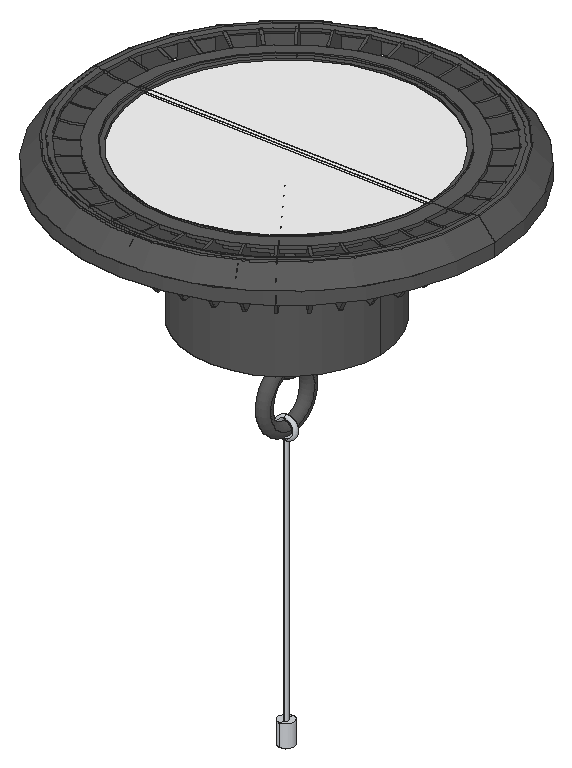
Revit family "0039348 Feilo Sylvania Lighting Fixture START HIGHBAY 4K 19KLM WIDE pendant", category Lighting Fixtures, host Face, Revit 2017
Family settings
  Host = Face
  Round Connector Dimension = Use Diameter
  Part Type = Normal
  OmniClass Number = 23.80.70.00
  OmniClass Title = Lighting
  Cut with Voids When Loaded = No
  Light Source = Yes
  Shared = No
  Room Calculation Point = No
Parameters (values of type "0039348 START HIGHBAY 4K 19KLM WIDE ")
  WidthStraight_FEILO = if(SizeS_FEILO, 3 mm, if(SizeM_FEILO, 4 mm, 4.7 mm))  # 3 mm
  WidthRingChamfer_FEILO = if(SizeS_FEILO, 10.3 mm, if(SizeM_FEILO, 11.2 mm, 12.9 mm))  # 10.3 mm
  WidthCurved_FEILO = if(SizeS_FEILO, 17.4 mm, if(SizeM_FEILO, 16.4 mm, 26.2 mm))  # 17.4 mm
  WidthCurvedRing_FEILO = if(SizeS_FEILO, 3 mm, if(SizeM_FEILO, 4 mm, 4.7 mm))  # 3 mm
  WidthBracket_FEILO = 40 mm
  Weight = "3.4 kg"
  Wattage Comments = ""
  Wattage = 150 W
  WarrantyStartDate [instance] = "n/a"
  WarrantyGuarantorParts = "n/a"
  WarrantyDurationUnit = "n/a"
  WarrantyDurationParts = "n/a"
  WarrantyDescription = "n/a"
  built-in parameter 1150110 = 1 (stored number, unit not read)
  Voltage = 230 V
  VisibilityBracket_FEILO = no
  URL = "http://www.sylvania-lighting.com"
  TypeName = "START HIGHBAY 4K 19KLM WIDE"
  Type Image = <None>
  Type Comments = "n/a"
  built-in parameter 1114217 = 1 (stored number, unit not read)
  Tilt Angle = -90.00°
  ThicknessWall_FEILO = 1.5 mm
  ThicknessBracket_FEILO = 1.5 mm
  ThicknessBracketHalf_FEILO = ThicknessBracket_FEILO / 2  # 0.75 mm
  built-in parameter 1150109 = 1 (stored number, unit not read)
  built-in parameter 1150134 = 12
  SuspensionHeight_FEILO [instance] = 350 mm
  built-in parameter 1150113 = 1 (stored number, unit not read)
  SizeS_FEILO = yes
  SizeM_FEILO = yes
  SerialNumber [instance] = "n/a"
  Rib4_FEILO = if(SizeS_FEILO, 18.1 mm, if(SizeM_FEILO, 13.6 mm, 14.6 mm))  # 18.1 mm
  Rib3_FEILO = if(SizeS_FEILO, 15.3 mm, if(SizeM_FEILO, 17.6 mm, 20.2 mm))  # 15.3 mm
  Rib2_FEILO = if(SizeS_FEILO, 3.6 mm, if(SizeM_FEILO, 3.9 mm, 4.5 mm))  # 3.6 mm
  Rib1_FEILO = if(SizeS_FEILO, 15.1 mm, if(SizeM_FEILO, 16.5 mm, 19 mm))  # 15.1 mm
  RadiusDiffuser_FEILO = if(SizeS_FEILO, 95.2 mm, if(SizeM_FEILO, 105.3 mm, 120 mm))  # 95.2 mm
  RadiusArrayPost_FEILO = DriverRadius_FEILO - 6 mm  # 55.4 mm
  RHRadius3_FEILO = if(SizeS_FEILO, 6.6 mm, if(SizeM_FEILO, 7.4 mm, 8.6 mm))  # 6.6 mm
  RHRadius2_FEILO = if(SizeS_FEILO, 11 mm, if(SizeM_FEILO, 12 mm, 14 mm))  # 11 mm
  RHRadius1_FEILO = if(SizeS_FEILO, 13.6 mm, if(SizeM_FEILO, 14.9 mm, 17.7 mm))  # 13.6 mm
  RHHeight4_FEILO = if(SizeS_FEILO, 7.3 mm, if(SizeM_FEILO, 8 mm, 9.2 mm))  # 7.3 mm
  RHHeight3_FEILO = if(SizeS_FEILO, 3.6 mm, if(SizeM_FEILO, 3.7 mm, 4.6 mm))  # 3.6 mm
  RHHeight2_FEILO = if(SizeS_FEILO, 2 mm, if(SizeM_FEILO, 2.2 mm, 2.6 mm))  # 2 mm
  RHHeight1_FEILO = if(SizeS_FEILO, 11.8 mm, if(SizeM_FEILO, 15.3 mm, 17.4 mm))  # 11.8 mm
  Photometric Web File = "0039348.ies"
  Material_3_FEILO = LED-Sylvania-StartHighbay-Glow
  PowerFactor = 0.95
  PowerConsumption = "150 W"
  NominalLength = 296 mm
  NominalHeight = 177 mm
  NominalDepth = 296 mm
  Name = "START HIGHBAY 4K 19KLM WIDE"
  ModelReference = Name  # "START HIGHBAY 4K 19KLM WIDE"
  ModelNumber = "0039348"
  Model = Name  # "START HIGHBAY 4K 19KLM WIDE"
  Material = "aluminium alloy housing, polycarbonate diffuser"
  ManufacturerName = "Feilo Sylvania"
  Manufacturer = "Feilo Sylvania"
  LuminousEfficacy = "130 lm/W"
  built-in parameter 1150105 = 10377.1 (stored number, unit not read)
  Lumens = 19500 lm
  LuminaireType = ""
  built-in parameter 1150115 = 1 (stored number, unit not read)
  LightOutputRatio = "n/a"
  built-in parameter 1150137 = (empty or 0)
  built-in parameter 1150139 = (empty or 0)
  LampsType = Lamp  # "LED"
  LampNominalLuminous = "19500 lm"
  LampMacAdamStep = "n/a"
  LampColourTemperature = "4000 K"
  LampColourRenderingIndex = "80"
  built-in parameter 1150112 = 1 (stored number, unit not read)
  built-in parameter 1150114 = 1 (stored number, unit not read)
  Lamp = "LED"
  Keynote = "16500"
  InstallationDate [instance] = "n/a"
  InputVoltage = "220-240V~"
  InputNominalFrequency = "50/60 Hz"
  built-in parameter 1150132 = (empty or 0)
  built-in parameter 1150102 = (empty or 0)
  built-in parameter 1150107 = 4000 (stored number, unit not read)
  built-in parameter 1150138 = (empty or 0)
  IngressProtection = "IP65"
  ImpactProtectionIndex = "IK08"
  built-in parameter 1150106 = 103.77 (stored number, unit not read)
  IfcExportType = "IfcLightFixtureType"
  IfcExportAs = "IfcLightFixtureType"
  HeightRing_FEILO = if(SizeS_FEILO, 19.8 mm, if(SizeM_FEILO, 32 mm, 36.8 mm))  # 19.8 mm
  HeightRingChamfer_FEILO = if(SizeS_FEILO, 11.7 mm, if(SizeM_FEILO, 23.2 mm, 26.6 mm))  # 11.7 mm
  EyeThickness_FEILO = if(SizeS_FEILO, 8.4 mm, if(SizeM_FEILO, 9.2 mm, 10.5 mm))  # 8.4 mm
  EyeThicknessHalf_FEILO = EyeThickness_FEILO / 2  # 4.2 mm
  EyeInner_FEILO = if(SizeS_FEILO, 13.8 mm, if(SizeM_FEILO, 15.1 mm, 17.3 mm))  # 13.8 mm
  ExpectedLife = 50000
  Emit from Circle Diameter = RadiusDiffuser_FEILO * 2  # 190.4 mm
  Emit Shape Visible in Rendering = no
  ElectricShockClassification = "Class I"
  built-in parameter 1150104 = 12.077 (stored number, unit not read)
  DurationUnit = "hours"
  DriverVerticalStraight_FEILO = if(SizeS_FEILO, 46.5 mm, if(SizeM_FEILO, 49.7 mm, 57 mm))  # 46.5 mm
  DriverVerticalChamfer_FEILO = if(SizeS_FEILO, 7.5 mm, if(SizeM_FEILO, 8.2 mm, 9.5 mm))  # 7.5 mm
  DriverRadius_FEILO = if(SizeS_FEILO, 61.4 mm, if(SizeM_FEILO, 67.2 mm, 76.4 mm))  # 61.4 mm
  DriverRadiusTop_FEILO = if(SizeS_FEILO, 42 mm, if(SizeM_FEILO, 45.3 mm, 52.4 mm))  # 42 mm
  DriverBottom_FEILO = if(SizeS_FEILO, 56 mm, if(SizeM_FEILO, 64.5 mm, 74 mm))  # 56 mm
  DocumentationLiterature = "http://www.sylvania-lighting.com/product/en-int/products/0039348"
  DimmingControlOptions = "n/a"
  Material_2_FEILO = Diffuser-Sylvania-StartHighbay-Transparent
  Radius_FEILO = if(SizeS_FEILO, 135 mm, if(SizeM_FEILO, 148 mm, 169.5 mm))  # 135 mm
  Dimming Lamp Color Temperature Shift = <None>
  DiameterWire_FEILO = 3 mm
  DiameterWireSupport_FEILO = 10 mm
  Description = "START HIGHBAY, includes 1 m cables, black aluminium housing, 19500LM, 150W, 130lm/W, 4000K, Driver current: 3210mA, CR80, 90° beam angle, 1-10V dimmable,  IP65, IK08, 50,000 hrs (L70B50), (LxWxH) 296x296x177mm"
  Default Elevation = 1219.2 mm
  CreatedOn = "2/28/2018"
  CreatedBy = ""
  Cost = 0
  Color Filter = 16777215
  built-in parameter 1114216 [instance] = (empty or 0)
  ClassificationValue = "EF_70_80"
  ClassificationName = "Uniclass2015"
  Material_1_FEILO = Body-Sylvania-StartHighbay-Black
  BarCode [instance] = "n/a"
  built-in parameter 1114218 = 1 (stored number, unit not read)
  built-in parameter 1150133 = 10 (stored number, unit not read)
  AssetType = "Fixed"
  AssetIdentifier [instance] = "n/a"
  Assembly Code = "D5020200"
  Apparent Load = 150 VA
  Material_4_FEILO = none
Reference planes
  plane 1 "Center (Front/Back)": y = 0
  plane 2: z = 0
  plane 3 "Center (Left/Right)": x = 0
  plane 4: z = 350
  plane 5: x = -135
  plane 6: x = -124.7
  plane 7: z = 338.3
  plane 8: z = 330.2
  plane 9: x = -121.7
  plane 10: z = 347.375
  plane 11: x = -104.3
  plane 12: x = -95.2
  plane 13: x = -118.7
  plane 14: z = 348.375
  plane 15: z = 346.375
  plane 16: x = -92.2
  plane 17: z = 345.375
  plane 18: x = -133.5
  plane 19: x = -119.9
  plane 20: z = 326.6
  plane 21: x = -104.6
  plane 22: z = 308.5
  plane 23: x = -20
  plane 24: z = 294
  plane 25: x = -61.4
  plane 26: z = 247.5
  plane 27: x = -42
  plane 28: z = 240
  plane 29: x = -13.6
  plane 30: z = 228.2
  plane 31: z = 226.2
  plane 32: x = -11
  plane 33: z = 222.6
  plane 34: z = 215.3
  plane 35: x = -6.6
  plane 36: z = 201.5
  plane 37: z = 187.7
  plane 38: x = 4.2
  plane 39: x = -4.2
  plane 40: z = 179.3
  plane 41: z = 183.5
  plane 42: x = -129.1
  plane 43: x = -132.5
  plane 44: z = 328.7
  plane 45: x = -123.2
  plane 46: z = 270.75
  plane 47: y = -20
  plane 48: y = 20
  plane 49: x = 135
  plane 50: x = 124.7
  plane 51: x = 133.5
  plane 52: x = 129.1
  plane 53: x = 132.5
  plane 54: x = 123.2
  plane 55: z = 190.7
  plane 56: y = 1.5
  plane 57: y = -1.5
  plane 58: z = 189.2
  plane 59: z = 177.8
  plane 60: z = 176.3
  plane 61: y = -5
  plane 62: y = 5
  plane 63: z = 14
Forms (mm)
  Revolve 1, solid, material "Body-Sylvania-StartHighbay-Black" <- "Material_1_FEILO", detail levels medium+fine
    sketch origin (0, 0, 0) x (1, 0, 0) y (0, 0, 1)
      loop
        line (-135, 330.2) -> (-133.5, 330.2) -> (-133.5, 337.734) -> (-125.012, 347.375) -> (-118.7, 347.375) -> (-118.7, 349.16)
        arc (-118.7, 349.16) -> (-120.206, 349.56) -> (-121.7, 350) r 58.981
        line (-121.7, 350) -> (-124.241, 350)
        arc (-124.241, 350) -> (-124.657, 349.911) -> (-124.999, 349.66) r 1.015
        line (-124.999, 349.66) -> (-135, 338.3) -> (-135, 330.2)
      axis (0, 350) -> (0, 330.2)
    angle from 360 to 0
  Revolve 2, solid, material "Body-Sylvania-StartHighbay-Black" <- "Material_1_FEILO", detail levels medium+fine
    sketch origin (0, 0, 0) x (1, 0, 0) y (0, 0, 1)
      loop
        line (-104.3, 345.375) -> (-95.2, 345.375) -> (-95.2, 338.3) -> (0, 338.3) -> (0, 345.375) -> (-92.2, 345.375) -> (-92.2, 346.375) -> (-95.2, 346.375) -> (-95.2, 347.375) -> (-104.3, 347.375) -> (-104.3, 345.375)
      axis (0, 347.375) -> (0, 338.3)
    angle from 360 to 0
  Revolve 3, solid, material "Diffuser-Sylvania-StartHighbay-Transparent" <- "Material_2_FEILO", detail levels medium+fine
    sketch origin (0, 0, 0) x (1, 0, 0) y (0, 0, 1)
      loop
        line (-95.2, 346.375) -> (0, 346.375) -> (0, 348.375) -> (-95.2, 348.375) -> (-95.2, 346.375)
      axis (0, 348.375) -> (0, 346.375)
    angle from 360 to 0
  Revolve 4, solid, material "Body-Sylvania-StartHighbay-Black" <- "Material_1_FEILO"
    sketch origin (0, 0, 0) x (1, 0, 0) y (0, 0, 1)
      loop
        line (-61.4, 308.5) -> (-61.4, 247.5) -> (-42, 240) -> (-13.6, 240) -> (-13.6, 228.2) -> (-11, 226.2) -> (-11, 222.6) -> (-7.037, 216.026)
        arc (-7.037, 216.026) -> (-6.49, 215.494) -> (-5.753, 215.3) r 1.5
        line (-5.753, 215.3) -> (0, 215.3) -> (0, 308.5) -> (-61.4, 308.5)
      axis (0, 308.5) -> (0, 215.3)
    angle from 360 to 0
  Revolve 5, solid, material "Body-Sylvania-StartHighbay-Black" <- "Material_1_FEILO"
    sketch origin (0, 0, 0) x (1, 0, 0) y (0, 0, 1)
      loop
        circle (0, 183.5) r 4.2
      axis (4.2, 201.5) -> (-4.2, 201.5)
    angle from 360 to 0
  Extrusion 6, solid, material "Body-Sylvania-StartHighbay-Black" <- "Material_1_FEILO", visible <- "VisibilityBracket_FEILO"
    sketch origin (0, 0, 0) x (1, 0, 0) y (0, 0, 1)
      loop
        line (-132.5, 330.2) -> (-132.5, 328.7) -> (-125.45, 328.7)
        arc (-125.45, 328.7) -> (-124.92, 328.48) -> (-124.7, 327.95) r 0.75
        line (-124.7, 327.95) -> (-124.7, 270.75) -> (-123.2, 270.75) -> (-123.2, 328.7)
        arc (-123.2, 328.7) -> (-123.639, 329.761) -> (-124.7, 330.2) r 1.5
        line (-124.7, 330.2) -> (-132.5, 330.2)
      loop
        line (132.5, 330.2) -> (124.7, 330.2)
        arc (124.7, 330.2) -> (123.639, 329.761) -> (123.2, 328.7) r 1.5
        line (123.2, 328.7) -> (123.2, 270.75) -> (124.7, 270.75) -> (124.7, 327.95)
        arc (124.7, 327.95) -> (124.92, 328.48) -> (125.45, 328.7) r 0.75
        line (125.45, 328.7) -> (132.5, 328.7) -> (132.5, 330.2)
    from -20 to 20
  Extrusion 7, void
    sketch origin (0, 0, 0) x (0, 1, 0) y (0, 0, 1)
      loop
        arc (-10, 270.75) -> (-17.071, 273.679) -> (-20, 280.75) r 10
        line (-20, 280.75) -> (-25, 280.75) -> (-25, 265.75) -> (-10, 265.75) -> (-10, 270.75)
      loop
        line (10, 270.75) -> (10, 265.75) -> (25, 265.75) -> (25, 280.75) -> (20, 280.75)
        arc (20, 280.75) -> (17.071, 273.679) -> (10, 270.75) r 10
    from -124.7 to 124.7
  Revolve 8, solid, material "Body-Sylvania-StartHighbay-Black" <- "Material_1_FEILO", detail levels coarse
    sketch origin (0, 0, 0) x (1, 0, 0) y (0, 0, 1)
      loop
        line (0, 350) -> (-124.7, 350) -> (-135, 338.3) -> (-135, 330.2) -> (-119.9, 330.2) -> (-119.9, 326.6) -> (-104.6, 308.5) -> (0, 308.5) -> (0, 350)
      axis (0, 350) -> (0, 308.5)
    angle from 360 to 0
  Revolve 9, solid
    sketch origin (0, 0, 0) x (0, 1, 0) y (0, 0, 1)
      loop
        circle (0, 189.2) r 1.5
      axis (1.5, 183.5) -> (-1.5, 183.5)
    angle from 360 to 0
  Revolve 10, solid
    sketch origin (0, 0, 0) x (0, 1, 0) y (0, 0, 1)
      loop
        line (0, 0) -> (0, 177.8) -> (-1.5, 177.8) -> (-1.5, 14) -> (-5, 14) -> (-5, 0) -> (0, 0)
      axis (0, 0) -> (0, 177.8)
    angle from 360 to 0
Cuts and joins
  Extrusion 7 cuts Extrusion 6
Lines and regions (mm)
  reference lines
    curve 1: line (-135, 0, 338.3) -> (-124.7, 0, 350)
    curve 2: line (-104.3, 0, 347.375) -> (0, 0, 347.375)
    curve 3: arc (-104.3, 0, 347.375) -> (-113.098, 0, 348.035) -> (-121.7, 0, 350) r 58.981
    curve 4: line (-124.7, 0, 350) -> (-121.7, 0, 350)
    curve 5: line (-125.012, 0, 347.375) -> (-133.5, 0, 337.734)
    curve 6: line (-119.9, 0, 326.6) -> (-104.6, 0, 308.5)
    curve 7: line (-11, 0, 222.6) -> (-6.6, 0, 215.3)
    curve 8: circle (0, 0, 183.5) r 4.2 normal (0, -1, 0)
Dimensions and locks
  "Radius_FEILO": plane 3 "Center (Left/Right)" to plane 5
  "WidthRingChamfer_FEILO": plane 6 to plane 5
  "WidthStraight_FEILO": plane 9 to plane 6
  "WidthCurvedRing_FEILO": plane 13 to plane 9
  locked: plane 10 to plane 15 at 1
  locked: plane 14 to plane 10 at 1
  locked: plane 4 to plane 10 at 2.625
  locked: plane 15 to plane 17 at 1
  "ThicknessWall_FEILO": plane 18 to plane 5
  "ThicknessWall_FEILO": curve 5 to curve 1
  "HeightRingChamfer_FEILO": plane 4 to plane 7
  "HeightRing_FEILO": plane 4 to plane 8
  "RadiusDiffuser_FEILO": plane 3 "Center (Left/Right)" to plane 12
  locked: plane 16 to plane 12 at 3
  "WidthCurved_FEILO": plane 11 to plane 9
  "SuspensionHeight_FEILO": plane 4 to plane 2
  "Rib1_FEILO": plane 19 to plane 5
  "Rib2_FEILO": plane 8 to plane 20
  "Rib3_FEILO": plane 21 to plane 19
  "Rib4_FEILO": plane 20 to plane 22
  locked: plane 3 "Center (Left/Right)" to plane 23 at 20
  "DriverBottom_FEILO": plane 4 to plane 24
  "DriverRadius_FEILO": plane 3 "Center (Left/Right)" to plane 25
  "DriverVerticalStraight_FEILO": plane 24 to plane 26
  "DriverRadiusTop_FEILO": plane 3 "Center (Left/Right)" to plane 27
  "DriverVerticalChamfer_FEILO": plane 26 to plane 28
  "RHRadius1_FEILO": plane 3 "Center (Left/Right)" to plane 29
  "RHHeight2_FEILO": plane 30 to plane 31
  "RHRadius2_FEILO": plane 3 "Center (Left/Right)" to plane 32
  "RHHeight3_FEILO": plane 31 to plane 33
  "RHHeight4_FEILO": plane 33 to plane 34
  "RHRadius3_FEILO": plane 3 "Center (Left/Right)" to plane 35
  "RHHeight1_FEILO": plane 28 to plane 30
  "EyeInner_FEILO": plane 34 to plane 36
  "EyeInner_FEILO": plane 36 to plane 37
  equal spacing: plane 38, plane 3 "Center (Left/Right)", plane 39
  "EyeThickness_FEILO": plane 38 to plane 39
  "EyeThickness_FEILO": plane 37 to plane 40
  equal spacing: plane 37, plane 41, plane 40
  equal spacing: plane 6, plane 42, plane 18
  "ThicknessBracket_FEILO": plane 45 to plane 6
  "ThicknessBracket_FEILO": plane 8 to plane 44
  locked: plane 43 to plane 18 at 1
  equal spacing: plane 24, plane 46, plane 26
  equal spacing: plane 47, plane 1 "Center (Front/Back)", plane 48
  "WidthBracket_FEILO": plane 47 to plane 48
  "WidthRingChamfer_FEILO": plane 50 to plane 49
  "ThicknessWall_FEILO": plane 51 to plane 49
  equal spacing: plane 50, plane 52, plane 51
  "ThicknessBracket_FEILO": plane 54 to plane 50
  locked: plane 53 to plane 51 at 1
  "Radius_FEILO": plane 49 to plane 3 "Center (Left/Right)"
  equal spacing: plane 57, imposter light, plane 56
  "DiameterWire_FEILO": plane 57 to plane 56
  "DiameterWire_FEILO": plane 37 to plane 55
  equal spacing: plane 37, plane 58, plane 55
  "DiameterWire_FEILO": plane 60 to plane 40
  equal spacing: plane 60, plane 59, plane 40
  equal spacing: plane 61, plane 1 "Center (Front/Back)", plane 62
  "DiameterWireSupport_FEILO": plane 61 to plane 62
  locked: plane 63 to plane 2 at 14
  "EyeThicknessHalf_FEILO": radius of curve 8
  "ThicknessBracket_FEILO": radius of Extrusion 6 sketch curve  (x2)
  "ThicknessBracketHalf_FEILO": radius of Extrusion 6 sketch curve  (x2)
  "DiameterWire_FEILO": diameter of Revolve 9 sketch curve
  aligned and locked: plane 2 to host face
  aligned and locked: level to host face
  aligned and locked: plane 5 to curve 1
  aligned and locked: plane 6 to curve 1
  aligned and locked: plane 7 to curve 1
  aligned and locked: plane 10 to curve 2
  aligned and locked: plane 9 to curve 3
  aligned and locked: plane 4 to curve 3
  aligned and locked: plane 11 to curve 3
  aligned and locked: plane 4 to curve 4
  aligned and locked: plane 18 to curve 5
  aligned and locked: plane 10 to curve 5
  aligned and locked: Revolve 1 sketch curve to plane 3 "Center (Left/Right)"
  aligned and locked: Revolve 1 sketch curve to curve 3
  aligned and locked: Revolve 1 sketch curve to curve 1
  aligned and locked: plane 4 to Revolve 1 sketch curve
  aligned and locked: plane 9 to Revolve 1 sketch curve
  aligned and locked: Revolve 1 sketch curve to plane 13
  aligned and locked: Revolve 1 sketch curve to plane 10
  aligned and locked: plane 13 to Revolve 1 sketch curve
  aligned and locked: plane 10 to Revolve 1 sketch curve
  aligned and locked: Revolve 1 sketch curve to plane 18
  aligned and locked: Revolve 1 sketch curve to plane 8
  aligned and locked: plane 5 to Revolve 1 sketch curve  (x2)
  aligned and locked: Revolve 2 sketch curve to plane 3 "Center (Left/Right)"
  aligned and locked: plane 11 to Revolve 2 sketch curve
  aligned and locked: Revolve 2 sketch curve to curve 2
  aligned and locked: plane 15 to Revolve 2 sketch curve
  aligned and locked: Revolve 2 sketch curve to plane 16
  aligned and locked: plane 17 to Revolve 2 sketch curve  (x2)
  aligned and locked: Revolve 2 sketch curve to plane 12
  aligned and locked: plane 7 to Revolve 2 sketch curve
  aligned and locked: Revolve 3 sketch curve to plane 3 "Center (Left/Right)"
  aligned and locked: Revolve 3 sketch curve to plane 14
  aligned and locked: plane 3 "Center (Left/Right)" to Revolve 3 sketch curve
  aligned and locked: Revolve 3 sketch curve to plane 12
  aligned and locked: plane 15 to Revolve 3 sketch curve
  aligned and locked: Revolve 1 sketch curve to curve 5
  aligned and locked: plane 22 to curve 6
  aligned and locked: plane 21 to curve 6
  aligned and locked: plane 20 to curve 6
  aligned and locked: plane 19 to curve 6
  aligned and locked: plane 33 to curve 7
  aligned and locked: plane 32 to curve 7
  aligned and locked: plane 35 to curve 7
  aligned and locked: plane 34 to curve 7
  aligned and locked: Revolve 4 sketch curve to plane 3 "Center (Left/Right)"
  aligned and locked: Revolve 4 sketch curve to plane 25
  aligned and locked: plane 27 to Revolve 4 sketch curve
  aligned and locked: plane 28 to Revolve 4 sketch curve
  aligned and locked: plane 30 to Revolve 4 sketch curve
  aligned and locked: Revolve 4 sketch curve to plane 29
  aligned and locked: plane 31 to Revolve 4 sketch curve
  aligned and locked: Revolve 4 sketch curve to curve 7
  aligned and locked: Revolve 4 sketch curve to plane 32
  aligned and locked: plane 34 to Revolve 4 sketch curve
  aligned and locked: plane 3 "Center (Left/Right)" to Revolve 4 sketch curve
  aligned and locked: plane 3 "Center (Left/Right)" to curve 8
  aligned and locked: plane 41 to curve 8
  aligned and locked: Revolve 5 sketch curve to plane 36
  aligned and locked: Revolve 5 sketch curve to curve 8
  aligned and locked: plane 43 to Extrusion 6 sketch curve  (x2)
  aligned and locked: plane 8 to Extrusion 6 sketch curve  (x3)
  aligned and locked: Extrusion 6 sketch curve to plane 45
  aligned and locked: Extrusion 6 sketch curve to plane 46  (x2)
  aligned and locked: plane 6 to Extrusion 6 sketch curve
  aligned and locked: Extrusion 6 sketch curve to plane 44  (x2)
  aligned and locked: Extrusion 6 to plane 48
  aligned and locked: plane 47 to Extrusion 6
  aligned and locked: plane 53 to Extrusion 6 sketch curve
  aligned and locked: plane 50 to Extrusion 6 sketch curve
  aligned and locked: Extrusion 6 sketch curve to plane 54
  aligned and locked: Extrusion 7 sketch curve to Extrusion 7 sketch curve
  aligned and locked: Extrusion 7 to plane 6
  aligned and locked: Extrusion 7 to Extrusion 6
  aligned and locked: Revolve 4 sketch curve to plane 22
  aligned and locked: plane 23 to nested 1
  aligned and locked: plane 1 "Center (Front/Back)" to nested 1
  aligned and locked: Revolve 8 sketch curve to plane 3 "Center (Left/Right)"
  aligned and locked: Revolve 8 sketch curve to plane 4
  aligned and locked: plane 6 to Revolve 8 sketch curve
  aligned and locked: plane 4 to Revolve 8 sketch curve
  aligned and locked: plane 7 to Revolve 8 sketch curve
  aligned and locked: Revolve 8 sketch curve to plane 5
  aligned and locked: plane 8 to Revolve 8 sketch curve  (x2)
  aligned and locked: Revolve 8 sketch curve to plane 19
  aligned and locked: plane 20 to Revolve 8 sketch curve
  aligned and locked: plane 19 to Revolve 8 sketch curve
  aligned and locked: plane 21 to Revolve 8 sketch curve
  aligned and locked: plane 22 to Revolve 8 sketch curve  (x2)
  aligned and locked: Revolve 8 sketch curve to Revolve 8 sketch curve
  aligned and locked: imposter light to plane 4
  aligned and locked: plane 3 "Center (Left/Right)" to imposter light
  aligned and locked: imposter light to plane 1 "Center (Front/Back)"
  aligned and locked: Revolve 9 sketch curve to plane 41
  aligned and locked: Revolve 10 sketch curve to plane 1 "Center (Front/Back)"
  aligned and locked: plane 1 "Center (Front/Back)" to Revolve 10 sketch curve  (x2)
  aligned and locked: host face to Revolve 10 sketch curve
  aligned and locked: plane 63 to Revolve 10 sketch curve
  aligned and locked: Revolve 10 sketch curve to plane 61
  aligned and locked: Revolve 10 sketch curve to plane 57
  aligned and locked: plane 59 to Revolve 10 sketch curve
Automatic sketch dimensions
  host sketch curve to host sketch curve = 2438.4 mm  (x2)
  curve 2 to plane 3 "Center (Left/Right)" = 0 mm
  Revolve 1 sketch curve to plane 6 = 0.299 mm
  plane 6 to Revolve 1 sketch curve = 0.459 mm
  Revolve 1 sketch curve to level = 609.6 mm
  Revolve 1 sketch curve to Revolve 1 sketch curve = 2312.223 mm
  Revolve 2 sketch curve to plane 12 = 0 mm
  Revolve 2 sketch curve to plane 3 "Center (Left/Right)" = 0 mm
  Revolve 2 sketch curve to level = 609.6 mm
  Revolve 2 sketch curve to plane 4 = 2339.058 mm
  Revolve 3 sketch curve to level = 609.6 mm
  Revolve 3 sketch curve to plane 4 = 2339.058 mm
  Revolve 5 sketch curve to plane 5 = 1080 mm
  plane 38 to Revolve 5 sketch curve = 1219.2 mm
  Extrusion 7 sketch curve to plane 47 = 0 mm
  plane 46 to Extrusion 7 sketch curve = 0 mm  (x2)
  Extrusion 7 sketch curve to plane 48 = 0 mm
  plane 47 to Extrusion 7 sketch curve = 5 mm
  plane 1 "Center (Front/Back)" to Extrusion 7 sketch curve = 10 mm
  Extrusion 7 sketch curve to Extrusion 7 sketch curve = 10 mm
  plane 46 to Extrusion 7 sketch curve = 5 mm
  Extrusion 7 sketch curve to Extrusion 7 sketch curve = 5 mm
  Extrusion 7 sketch curve to plane 48 = 5 mm
  Revolve 4 sketch curve to plane 26 = 0 mm
  Revolve 4 sketch curve to plane 35 = 0.437 mm
  plane 35 to Revolve 4 sketch curve = 0.847 mm
  Revolve 4 sketch curve to plane 34 = 0.726 mm
  plane 40 to Revolve 4 sketch curve = 590.2 mm
  Revolve 4 sketch curve to plane 4 = 2339.058 mm
  Revolve 8 sketch curve to level = 609.6 mm
  Revolve 8 sketch curve to Revolve 8 sketch curve = 2386.058 mm
  Revolve 9 sketch curve to plane 1 "Center (Front/Back)" = 0 mm
  plane 58 to Revolve 9 sketch curve = 0 mm
  plane 47 to Revolve 9 sketch curve = 2534.941 mm
  Revolve 9 sketch curve to plane 48 = 2077.409 mm
  Revolve 10 sketch curve to Revolve 10 sketch curve = 609.6 mm
  Revolve 10 sketch curve to plane 4 = 2123.807 mm
Nested families
  nested 1: "Start Highbay Rib" at (0, 0, 347.375), type "Type Name", detail levels medium+fine
    with SuspensionHeight_FEILO 2.6 mm, SizeM_FEILO yes
  nested 2: "Start Highbay Rib" at (0, 0, 347.375) x (0.9877, 0.1564, 0) z (0, 0, 1), type "Type Name", detail levels medium+fine
    with SuspensionHeight_FEILO 2.6 mm, SizeM_FEILO yes
  nested 3: "Start Highbay Rib" at (0, 0, 347.375) x (0.9511, 0.309, 0) z (0, 0, 1), type "Type Name", detail levels medium+fine
    with SuspensionHeight_FEILO 2.6 mm, SizeM_FEILO yes
  nested 4: "Start Highbay Rib" at (0, 0, 347.375) x (0.891, 0.454, 0) z (0, 0, 1), type "Type Name", detail levels medium+fine
    with SuspensionHeight_FEILO 2.6 mm, SizeM_FEILO yes
  nested 5: "Start Highbay Rib" at (0, 0, 347.375) x (0.809, 0.5878, 0) z (0, 0, 1), type "Type Name", detail levels medium+fine
    with SuspensionHeight_FEILO 2.6 mm, SizeM_FEILO yes
  nested 6: "Start Highbay Rib" at (0, 0, 347.375) x (0.7071, 0.7071, 0) z (0, 0, 1), type "Type Name", detail levels medium+fine
    with SuspensionHeight_FEILO 2.6 mm, SizeM_FEILO yes
  nested 7: "Start Highbay Rib" at (0, 0, 347.375) x (0.5878, 0.809, 0) z (0, 0, 1), type "Type Name", detail levels medium+fine
    with SuspensionHeight_FEILO 2.6 mm, SizeM_FEILO yes
  nested 8: "Start Highbay Rib" at (0, 0, 347.375) x (0.454, 0.891, 0) z (0, 0, 1), type "Type Name", detail levels medium+fine
    with SuspensionHeight_FEILO 2.6 mm, SizeM_FEILO yes
  nested 9: "Start Highbay Rib" at (0, 0, 347.375) x (0.309, 0.9511, 0) z (0, 0, 1), type "Type Name", detail levels medium+fine
    with SuspensionHeight_FEILO 2.6 mm, SizeM_FEILO yes
  nested 10: "Start Highbay Rib" at (0, 0, 347.375) x (0.1564, 0.9877, 0) z (0, 0, 1), type "Type Name", detail levels medium+fine
    with SuspensionHeight_FEILO 2.6 mm, SizeM_FEILO yes
  nested 11: "Start Highbay Rib" at (0, 0, 347.375) x (0, 1, 0) z (0, 0, 1), type "Type Name", detail levels medium+fine
    with SuspensionHeight_FEILO 2.6 mm, SizeM_FEILO yes
  nested 12: "Start Highbay Rib" at (0, 0, 347.375) x (-0.1564, 0.9877, 0) z (0, 0, 1), type "Type Name", detail levels medium+fine
    with SuspensionHeight_FEILO 2.6 mm, SizeM_FEILO yes
  nested 13: "Start Highbay Rib" at (0, 0, 347.375) x (-0.309, 0.9511, 0) z (0, 0, 1), type "Type Name", detail levels medium+fine
    with SuspensionHeight_FEILO 2.6 mm, SizeM_FEILO yes
  nested 14: "Start Highbay Rib" at (0, 0, 347.375) x (-0.454, 0.891, 0) z (0, 0, 1), type "Type Name", detail levels medium+fine
    with SuspensionHeight_FEILO 2.6 mm, SizeM_FEILO yes
  nested 15: "Start Highbay Rib" at (0, 0, 347.375) x (-0.5878, 0.809, 0) z (0, 0, 1), type "Type Name", detail levels medium+fine
    with SuspensionHeight_FEILO 2.6 mm, SizeM_FEILO yes
  nested 16: "Start Highbay Rib" at (0, 0, 347.375) x (-0.7071, 0.7071, 0) z (0, 0, 1), type "Type Name", detail levels medium+fine
    with SuspensionHeight_FEILO 2.6 mm, SizeM_FEILO yes
  nested 17: "Start Highbay Rib" at (0, 0, 347.375) x (-0.809, 0.5878, 0) z (0, 0, 1), type "Type Name", detail levels medium+fine
    with SuspensionHeight_FEILO 2.6 mm, SizeM_FEILO yes
  nested 18: "Start Highbay Rib" at (0, 0, 347.375) x (-0.891, 0.454, 0) z (0, 0, 1), type "Type Name", detail levels medium+fine
    with SuspensionHeight_FEILO 2.6 mm, SizeM_FEILO yes
  nested 19: "Start Highbay Rib" at (0, 0, 347.375) x (-0.9511, 0.309, 0) z (0, 0, 1), type "Type Name", detail levels medium+fine
    with SuspensionHeight_FEILO 2.6 mm, SizeM_FEILO yes
  nested 20: "Start Highbay Rib" at (0, 0, 347.375) x (-0.9877, 0.1564, 0) z (0, 0, 1), type "Type Name", detail levels medium+fine
    with SuspensionHeight_FEILO 2.6 mm, SizeM_FEILO yes
  nested 21: "Start Highbay Rib" at (0, 0, 347.375) x (-1, 0, 0) z (0, 0, 1), type "Type Name", detail levels medium+fine
    with SuspensionHeight_FEILO 2.6 mm, SizeM_FEILO yes
  nested 22: "Start Highbay Rib" at (0, 0, 347.375) x (-0.9877, -0.1564, 0) z (0, 0, 1), type "Type Name", detail levels medium+fine
    with SuspensionHeight_FEILO 2.6 mm, SizeM_FEILO yes
  nested 23: "Start Highbay Rib" at (0, 0, 347.375) x (-0.9511, -0.309, 0) z (0, 0, 1), type "Type Name", detail levels medium+fine
    with SuspensionHeight_FEILO 2.6 mm, SizeM_FEILO yes
  nested 24: "Start Highbay Rib" at (0, 0, 347.375) x (-0.891, -0.454, 0) z (0, 0, 1), type "Type Name", detail levels medium+fine
    with SuspensionHeight_FEILO 2.6 mm, SizeM_FEILO yes
  nested 25: "Start Highbay Rib" at (0, 0, 347.375) x (-0.809, -0.5878, 0) z (0, 0, 1), type "Type Name", detail levels medium+fine
    with SuspensionHeight_FEILO 2.6 mm, SizeM_FEILO yes
  nested 26: "Start Highbay Rib" at (0, 0, 347.375) x (-0.7071, -0.7071, 0) z (0, 0, 1), type "Type Name", detail levels medium+fine
    with SuspensionHeight_FEILO 2.6 mm, SizeM_FEILO yes
  nested 27: "Start Highbay Rib" at (0, 0, 347.375) x (-0.5878, -0.809, 0) z (0, 0, 1), type "Type Name", detail levels medium+fine
    with SuspensionHeight_FEILO 2.6 mm, SizeM_FEILO yes
  nested 28: "Start Highbay Rib" at (0, 0, 347.375) x (-0.454, -0.891, 0) z (0, 0, 1), type "Type Name", detail levels medium+fine
    with SuspensionHeight_FEILO 2.6 mm, SizeM_FEILO yes
  nested 29: "Start Highbay Rib" at (0, 0, 347.375) x (-0.309, -0.9511, 0) z (0, 0, 1), type "Type Name", detail levels medium+fine
    with SuspensionHeight_FEILO 2.6 mm, SizeM_FEILO yes
  nested 30: "Start Highbay Rib" at (0, 0, 347.375) x (-0.1564, -0.9877, 0) z (0, 0, 1), type "Type Name", detail levels medium+fine
    with SuspensionHeight_FEILO 2.6 mm, SizeM_FEILO yes
  nested 31: "Start Highbay Rib" at (0, 0, 347.375) x (0, -1, 0) z (0, 0, 1), type "Type Name", detail levels medium+fine
    with SuspensionHeight_FEILO 2.6 mm, SizeM_FEILO yes
  nested 32: "Start Highbay Rib" at (0, 0, 347.375) x (0.1564, -0.9877, 0) z (0, 0, 1), type "Type Name", detail levels medium+fine
    with SuspensionHeight_FEILO 2.6 mm, SizeM_FEILO yes
  nested 33: "Start Highbay Rib" at (0, 0, 347.375) x (0.309, -0.9511, 0) z (0, 0, 1), type "Type Name", detail levels medium+fine
    with SuspensionHeight_FEILO 2.6 mm, SizeM_FEILO yes
  nested 34: "Start Highbay Rib" at (0, 0, 347.375) x (0.454, -0.891, 0) z (0, 0, 1), type "Type Name", detail levels medium+fine
    with SuspensionHeight_FEILO 2.6 mm, SizeM_FEILO yes
  nested 35: "Start Highbay Rib" at (0, 0, 347.375) x (0.5878, -0.809, 0) z (0, 0, 1), type "Type Name", detail levels medium+fine
    with SuspensionHeight_FEILO 2.6 mm, SizeM_FEILO yes
  nested 36: "Start Highbay Rib" at (0, 0, 347.375) x (0.7071, -0.7071, 0) z (0, 0, 1), type "Type Name", detail levels medium+fine
    with SuspensionHeight_FEILO 2.6 mm, SizeM_FEILO yes
  nested 37: "Start Highbay Rib" at (0, 0, 347.375) x (0.809, -0.5878, 0) z (0, 0, 1), type "Type Name", detail levels medium+fine
    with SuspensionHeight_FEILO 2.6 mm, SizeM_FEILO yes
  nested 38: "Start Highbay Rib" at (0, 0, 347.375) x (0.891, -0.454, 0) z (0, 0, 1), type "Type Name", detail levels medium+fine
    with SuspensionHeight_FEILO 2.6 mm, SizeM_FEILO yes
  nested 39: "Start Highbay Rib" at (0, 0, 347.375) x (0.9511, -0.309, 0) z (0, 0, 1), type "Type Name", detail levels medium+fine
    with SuspensionHeight_FEILO 2.6 mm, SizeM_FEILO yes
  nested 40: "Start Highbay Rib" at (0, 0, 347.375) x (0.9877, -0.1564, 0) z (0, 0, 1), type "Type Name", detail levels medium+fine
    with SuspensionHeight_FEILO 2.6 mm, SizeM_FEILO yes
Connectors
  electrical at (0, 0, 0), driven by "Apparent Load", driven by "PowerFactor", driven by "Voltage"
    settings: index 1, voltage 230 V, apparent load 150 VA, apparent load phase1 0 VA, apparent load phase2 0 VA, apparent load phase3 0 VA, power factor 0.95, load classification "Lighting", number of poles 1, system type 30, power factor state 1, is connector primary yes, connector utility no, sub classification motor no, connector description ""
Definition of nested family "Start Highbay Rib"
  Parameters (values of type "Type Name")
    WidthStraight_FEILO = if(SizeS_FEILO, 3 mm, if(SizeM_FEILO, 4 mm, 4.7 mm))  # 3 mm
    WidthRingChamfer_FEILO = if(SizeS_FEILO, 10.3 mm, if(SizeM_FEILO, 11.2 mm, 12.9 mm))  # 10.3 mm
    WidthCurved_FEILO = if(SizeS_FEILO, 17.4 mm, if(SizeM_FEILO, 16.4 mm, 26.2 mm))  # 17.4 mm
    WidthCurvedRing_FEILO = if(SizeS_FEILO, 3 mm, if(SizeM_FEILO, 4 mm, 4.7 mm))  # 3 mm
    WidthBracket_FEILO = 40 mm
    URL = "http://www.feilosylvania.com"
    Type Image = (empty or 0)
    Type Comments = "n/a"
    ThicknessWall_FEILO = 1.5 mm
    ThicknessBracket_FEILO = 1.5 mm
    ThicknessBracketHalf_FEILO = ThicknessBracket_FEILO / 2  # 0.75 mm
    SuspensionHeight_FEILO [instance] = 2.6 mm
    SizeS_FEILO = yes
    SizeM_FEILO = no
    Rib4_FEILO = if(SizeS_FEILO, 18.1 mm, if(SizeM_FEILO, 13.6 mm, 14.6 mm))  # 18.1 mm
    Rib3_FEILO = if(SizeS_FEILO, 15.3 mm, if(SizeM_FEILO, 17.6 mm, 20.2 mm))  # 15.3 mm
    Rib2_FEILO = if(SizeS_FEILO, 3.6 mm, if(SizeM_FEILO, 3.9 mm, 4.5 mm))  # 3.6 mm
    Rib1_FEILO = if(SizeS_FEILO, 15.1 mm, if(SizeM_FEILO, 16.5 mm, 19 mm))  # 15.1 mm
    RadiusRib_FEILO = 2 mm
    RadiusDiffuser_FEILO = if(SizeS_FEILO, 95.2 mm, if(SizeM_FEILO, 105.3 mm, 120 mm))  # 95.2 mm
    RHRadius3_FEILO = if(SizeS_FEILO, 6.6 mm, if(SizeM_FEILO, 7.4 mm, 8.6 mm))  # 6.6 mm
    RHRadius2_FEILO = if(SizeS_FEILO, 11 mm, if(SizeM_FEILO, 12 mm, 14 mm))  # 11 mm
    RHRadius1_FEILO = if(SizeS_FEILO, 13.6 mm, if(SizeM_FEILO, 14.9 mm, 17.7 mm))  # 13.6 mm
    RHHeight4_FEILO = if(SizeS_FEILO, 7.3 mm, if(SizeM_FEILO, 8 mm, 9.2 mm))  # 7.3 mm
    RHHeight3_FEILO = if(SizeS_FEILO, 3.6 mm, if(SizeM_FEILO, 3.7 mm, 4.6 mm))  # 3.6 mm
    RHHeight2_FEILO = if(SizeS_FEILO, 2 mm, if(SizeM_FEILO, 2.2 mm, 2.6 mm))  # 2 mm
    RHHeight1_FEILO = if(SizeS_FEILO, 11.8 mm, if(SizeM_FEILO, 15.3 mm, 17.4 mm))  # 11.8 mm
    Material_3_FEILO = none
    Model = ""
    Manufacturer = "Feilo Sylvania"
    Keynote = "16500"
    HeightRing_FEILO = if(SizeS_FEILO, 19.8 mm, if(SizeM_FEILO, 32 mm, 36.8 mm))  # 19.8 mm
    HeightRingChamfer_FEILO = if(SizeS_FEILO, 11.7 mm, if(SizeM_FEILO, 23.2 mm, 26.6 mm))  # 11.7 mm
    EyeThickness_FEILO = if(SizeS_FEILO, 8.4 mm, if(SizeM_FEILO, 9.2 mm, 10.5 mm))  # 8.4 mm
    EyeThicknessHalf_FEILO = EyeThickness_FEILO / 2  # 4.2 mm
    EyeInner_FEILO = if(SizeS_FEILO, 13.8 mm, if(SizeM_FEILO, 15.1 mm, 17.3 mm))  # 13.8 mm
    DriverVerticalStraight_FEILO = if(SizeS_FEILO, 46.5 mm, if(SizeM_FEILO, 49.7 mm, 57 mm))  # 46.5 mm
    DriverVerticalChamfer_FEILO = if(SizeS_FEILO, 7.5 mm, if(SizeM_FEILO, 8.2 mm, 9.5 mm))  # 7.5 mm
    DriverRadius_FEILO = if(SizeS_FEILO, 61.4 mm, if(SizeM_FEILO, 67.2 mm, 76.4 mm))  # 61.4 mm
    DriverRadiusTop_FEILO = if(SizeS_FEILO, 42 mm, if(SizeM_FEILO, 45.3 mm, 52.4 mm))  # 42 mm
    DriverBottom_FEILO = if(SizeS_FEILO, 56 mm, if(SizeM_FEILO, 64.5 mm, 74 mm))  # 56 mm
    Material_2_FEILO = none
    Radius_FEILO = if(SizeS_FEILO, 135 mm, if(SizeM_FEILO, 148 mm, 169.5 mm))  # 135 mm
    Description = ""
    Default Elevation = 1219.2 mm
    Cost = 0
    Material_1_FEILO = none
    Assembly Code = "D5020200"
    Material_4_FEILO = none
  Reference planes
    plane 1 "Center (Front/Back)": y = 0
    plane 2: z = 0
    plane 3 "Center (Left/Right)": x = 0
    plane 4: z = 2.6
    plane 5: x = -135
    plane 6: x = -124.7
    plane 7: z = -9.1
    plane 8: z = -17.2
    plane 9: x = -121.7
    plane 10: z = -0.025
    plane 11: x = -104.3
    plane 12: x = -95.2
    plane 13: x = -118.7
    plane 14: z = 0.975
    plane 15: z = -1.025
    plane 16: x = -92.2
    plane 17: z = -2.025
    plane 18: x = -133.5
    plane 19: x = -119.9
    plane 20: z = -20.8
    plane 21: x = -104.6
    plane 22: z = -38.9
    plane 23: x = -20
    plane 24: z = -53.4
    plane 25: x = -61.4
    plane 26: z = -99.9
    plane 27: x = -42
    plane 28: z = -107.4
    plane 29: x = -13.6
    plane 30: z = -119.2
    plane 31: z = -121.2
    plane 32: x = -11
    plane 33: z = -124.8
    plane 34: z = -132.1
    plane 35: x = -6.6
    plane 36: z = -145.9
    plane 37: z = -159.7
    plane 38: x = 4.2
    plane 39: x = -4.2
    plane 40: z = -168.1
    plane 41: z = -163.9
    plane 42: x = -129.1
    plane 43: x = -132.5
    plane 44: z = -18.7
    plane 45: x = -123.2
    plane 46: z = -76.65
    plane 47: y = -20
    plane 48: y = 20
    plane 49: x = 135
    plane 50: x = 124.7
    plane 51: x = 133.5
    plane 52: x = 129.1
    plane 53: x = 132.5
    plane 54: x = 123.2
    plane 55: y = 0.75
    plane 56: y = -0.75
  Forms (mm)
    Extrusion 1, solid
      sketch origin (4.2, 0, 0) x (1, 0, 0) y (0, 1, 0)
        loop
          line (-1219.2, 1219.2) -> (-1219.2, -1219.2) -> (1219.2, -1219.2) -> (1219.2, 1219.2) -> (-1219.2, 1219.2)
      from 0 to -68.017
    Extrusion 2, solid, material <- "Material_1_FEILO"
      sketch origin (0, 0, 0) x (1, 0, 0) y (0, 0, 1)
        loop
          arc (-104.3, -0.025) -> (-111.555, 0.423) -> (-118.7, 1.76) r 58.981
          line (-118.7, 1.76) -> (-118.7, -0.025) -> (-125.012, -0.025) -> (-133.5, -9.666) -> (-133.5, -17.2) -> (-119.9, -17.2) -> (-119.9, -20.068)
          arc (-119.9, -20.068) -> (-119.778, -20.755) -> (-119.427, -21.359) r 2
          line (-119.427, -21.359) -> (-104.966, -38.467)
          arc (-104.966, -38.467) -> (-104.381, -38.789) -> (-103.723, -38.9) r 2
          line (-103.723, -38.9) -> (-20, -38.9) -> (-20, -9.1) -> (-95.2, -9.1) -> (-95.2, -2.025) -> (-104.3, -2.025) -> (-104.3, -0.025)
      from -0.75 to 0.75
  Lines and regions (mm)
    reference lines
      curve 1: line (-135, 0, -9.1) -> (-124.7, 0, 2.6)
      curve 2: line (-104.3, 0, -0.025) -> (0, 0, -0.025)
      curve 3: arc (-104.3, 0, -0.025) -> (-113.098, 0, 0.635) -> (-121.7, 0, 2.6) r 58.981
      curve 4: line (-124.7, 0, 2.6) -> (-121.7, 0, 2.6)
      curve 5: line (-125.012, 0, -0.025) -> (-133.5, 0, -9.666)
      curve 6: line (-119.9, 0, -20.8) -> (-104.6, 0, -38.9)
  Dimensions and locks
    "Radius_FEILO": plane 3 "Center (Left/Right)" to plane 5
    "WidthRingChamfer_FEILO": plane 6 to plane 5
    "WidthStraight_FEILO": plane 9 to plane 6
    "WidthCurvedRing_FEILO": plane 13 to plane 9
    locked: plane 10 to plane 15 at 1
    locked: plane 14 to plane 10 at 1
    locked: plane 4 to plane 10 at 2.625
    locked: plane 15 to plane 17 at 1
    "ThicknessWall_FEILO": plane 18 to plane 5
    "ThicknessWall_FEILO": curve 5 to curve 1
    "HeightRingChamfer_FEILO": plane 4 to plane 7
    "HeightRing_FEILO": plane 4 to plane 8
    "RadiusDiffuser_FEILO": plane 3 "Center (Left/Right)" to plane 12
    locked: plane 16 to plane 12 at 3
    "WidthCurved_FEILO": plane 11 to plane 9
    "SuspensionHeight_FEILO": plane 4 to plane 2
    "Rib1_FEILO": plane 19 to plane 5
    "Rib2_FEILO": plane 8 to plane 20
    "Rib3_FEILO": plane 21 to plane 19
    "Rib4_FEILO": plane 20 to plane 22
    locked: plane 3 "Center (Left/Right)" to plane 23 at 20
    "DriverBottom_FEILO": plane 4 to plane 24
    "DriverRadius_FEILO": plane 3 "Center (Left/Right)" to plane 25
    "DriverVerticalStraight_FEILO": plane 24 to plane 26
    "DriverRadiusTop_FEILO": plane 3 "Center (Left/Right)" to plane 27
    "DriverVerticalChamfer_FEILO": plane 26 to plane 28
    "RHRadius1_FEILO": plane 3 "Center (Left/Right)" to plane 29
    "RHHeight2_FEILO": plane 30 to plane 31
    "RHRadius2_FEILO": plane 3 "Center (Left/Right)" to plane 32
    "RHHeight3_FEILO": plane 31 to plane 33
    "RHHeight4_FEILO": plane 33 to plane 34
    "RHRadius3_FEILO": plane 3 "Center (Left/Right)" to plane 35
    "RHHeight1_FEILO": plane 28 to plane 30
    "EyeInner_FEILO": plane 34 to plane 36
    "EyeInner_FEILO": plane 36 to plane 37
    equal spacing: plane 38, plane 3 "Center (Left/Right)", plane 39
    "EyeThickness_FEILO": plane 38 to plane 39
    "EyeThickness_FEILO": plane 37 to plane 40
    equal spacing: plane 37, plane 41, plane 40
    equal spacing: plane 6, plane 42, plane 18
    "ThicknessBracket_FEILO": plane 45 to plane 6
    "ThicknessBracket_FEILO": plane 8 to plane 44
    locked: plane 43 to plane 18 at 1
    equal spacing: plane 24, plane 46, plane 26
    equal spacing: plane 47, plane 1 "Center (Front/Back)", plane 48
    "WidthBracket_FEILO": plane 47 to plane 48
    "WidthRingChamfer_FEILO": plane 50 to plane 49
    "ThicknessWall_FEILO": plane 51 to plane 49
    equal spacing: plane 50, plane 52, plane 51
    "ThicknessBracket_FEILO": plane 54 to plane 50
    locked: plane 53 to plane 51 at 1
    "Radius_FEILO": plane 49 to plane 3 "Center (Left/Right)"
    equal spacing: plane 56, plane 1 "Center (Front/Back)", plane 55
    "ThicknessWall_FEILO": plane 56 to plane 55
    "RadiusRib_FEILO": radius of Extrusion 2 sketch curve  (x2)
    aligned and locked: plane 2 to Extrusion 1
    aligned and locked: level to Extrusion 1
    aligned and locked: plane 5 to curve 1
    aligned and locked: plane 6 to curve 1
    aligned and locked: plane 7 to curve 1
    aligned and locked: plane 10 to curve 2
    aligned and locked: plane 9 to curve 3
    aligned and locked: plane 4 to curve 3
    aligned and locked: plane 11 to curve 3
    aligned and locked: plane 4 to curve 4
    aligned and locked: plane 18 to curve 5
    aligned and locked: plane 10 to curve 5
    aligned and locked: plane 22 to curve 6
    aligned and locked: plane 21 to curve 6
    aligned and locked: plane 20 to curve 6
    aligned and locked: plane 19 to curve 6
    aligned and locked: Extrusion 2 sketch curve to plane 23
    aligned and locked: Extrusion 2 sketch curve to plane 22
    aligned and locked: Extrusion 2 sketch curve to curve 6
    aligned and locked: plane 19 to Extrusion 2 sketch curve
    aligned and locked: Extrusion 2 sketch curve to plane 8
    aligned and locked: Extrusion 2 sketch curve to curve 5
    aligned and locked: Extrusion 2 sketch curve to curve 3
    aligned and locked: Extrusion 2 to plane 55
    aligned and locked: plane 56 to Extrusion 2
    aligned and locked: curve 6 to Extrusion 2 sketch curve
  Automatic sketch dimensions
    Extrusion 1 sketch curve to Extrusion 1 sketch curve = 2438.4 mm  (x2)
    curve 2 to plane 3 "Center (Left/Right)" = 0 mm
    Extrusion 2 sketch curve to plane 18 = 0 mm
    Extrusion 2 sketch curve to plane 10 = 0 mm
    Extrusion 2 sketch curve to plane 13 = 0 mm
    Extrusion 2 sketch curve to plane 7 = 0 mm
    Extrusion 2 sketch curve to plane 12 = 0 mm
    Extrusion 2 sketch curve to plane 17 = 0 mm
    plane 19 to Extrusion 2 sketch curve = 0.473 mm
    Extrusion 2 sketch curve to plane 21 = 0.366 mm
